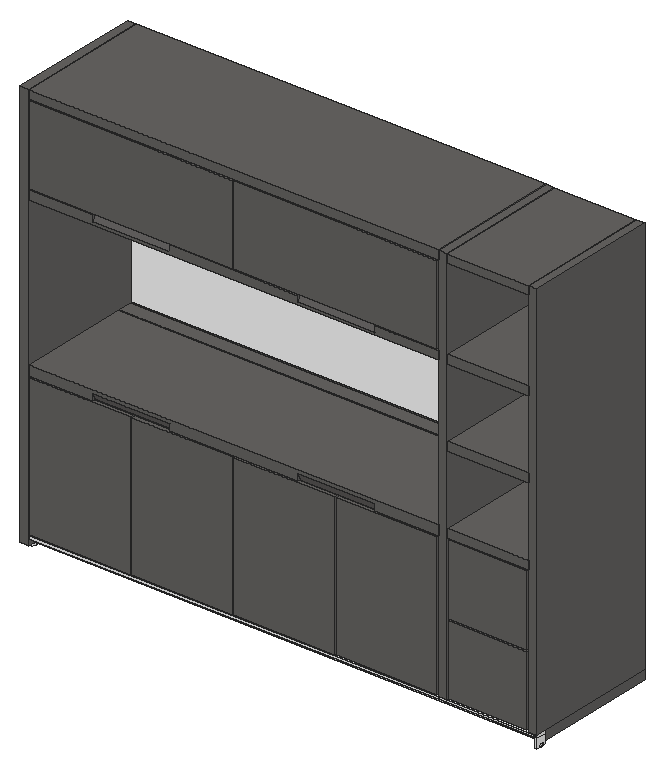
Revit family "Storage-Wall-Teknion-ZXRS_74_High_Without_Lights-R2011", category Furniture Systems, Revit 2013
Parameters (values of type "(See Type Catalog)")
  Working Wall Finish [instance] = Glass - Teknion - K6 - White Backpainted
  Width = 92.642"
  Warranty = "http://www.teknionstudio.com/pdfs/Teknion%20Studio%20Warranty.pdf"
  Wall Unit Finish [instance] = Veneer - Teknion - P7 - Grey Oak
  Unit Weight = 685.00 lbf
  URL = "www.teknionstudio.com"
  Right Tabletop Cutout Offset = if(Has Right Double Doors, 0", 4")  # 0"
  Left Tabletop Cutout Offset = if(Has Left Double Doors, 0", 4")  # 0"
  Storage Tower = Storage-Unit-Teknion-Tower : Upper Shelves & File/File Pedestal
  Series = "B&B Italia"
  Product Page URL = "http://www.teknionstudio.com/acexecutive/"
  Product Line = "AC Executive"
  Product Documentation Link = "http://www.teknionstudio.com/pricing/ac_executive_storage_walls_ppg.pdf"
  Part Number = "ZXRS"
  Model = ""
  Manufacturer Phone = "919-464-2920"
  Manufacturer Fax = "919-464-2927"
  Manufacturer Email = "customersupport@teknionstudio.com"
  Manufacturer Address = "3940 US 70 Business HWY West, Clayton, NC 27520"
  Manufacturer = "Teknion Studio"  # constant formula
  Low Emitting Material = yes
  Low Emitting Finish = yes
  Height = 73.81394"
  Has Right File File Drawers = not(Has Right Double Doors)  # no
  Has Right Double Doors = yes
  Has Left File File Drawers = not(Has Left Double Doors)  # no
  Has Left Double Doors = yes
  Description = ""
  Depth = 24"
  Assembly Code = "E2020200"
Reference planes (in)
  plane 1 "Center F/B": y = 0
  plane 2: z = 0
  plane 3 "Center L/R": x = 0
  plane 4 "Left": x = -46.321
  plane 5 "Right": x = 46.321
  plane 6 "Back": y = 12
  plane 7 "Front": y = -12
  plane 8 "Top": z = 73.81394
  plane 9: x = 28.60446
  plane 10: z = 29.68402
  plane 11: z = 56.1289
  plane 12: x = -44.7815
  plane 13: z = 2.1289
  plane 14: x = -8.08858
  plane 15 "Foot Centerline": y = -11.2126
  plane 16 "Tabletop Cutout Left": y = -12
  plane 17 "Foot Centerline Front": y = -10.22835
  plane 18 "Foot Centerline Back": y = 10.22835
  plane 19: y = -8.484
  plane 20 "Tabletop Cutout Right": y = -12
Forms (in)
  Sweep 1, solid, material "Veneer - Teknion - P7 - Grey Oak" <- "Wall Unit Finish"
    path origin (0, 0, 15.40683) x (-1, 0, 0) y (0, -1, 0)
      loop
        line (0, -12) -> (0, 12)
    profile origin (0, 0, 15.40683) x (1, 0, 0) y (0, 0, 1)
      loop
        line (-46.321, -14.81732) -> (-44.7815, -14.81732) -> (-44.7815, 58.4071) -> (-46.321, 58.4071) -> (-46.321, -14.81732)
  Sweep 2, solid, material "Metal - Teknion - C6 - Chrome"
    path origin (0, 0, 0) x (1, 0, 0) y (0, 0, 1)
      loop
        line (28.60446, 2.1289) -> (-44.7815, 2.1289)
    profile origin (-8.08852, 0, 2.1289) x (0, 0, -1) y (0, -1, 0)
      loop
        line (0, 12) -> (0, 10.4252) -> (0.394, 10.4252) -> (0.394, 12) -> (0, 12)
  Sweep 3, solid, material "Metal - Teknion - C6 - Chrome"
    path origin (0, 0, 0) x (1, 0, 0) y (0, 0, 1)
      loop
        line (-44.7815, 2.1289) -> (28.60446, 2.1289)
    profile origin (-8.08852, 0, 2.1289) x (0, 0, 1) y (0, -1, 0)
      loop
        line (-0.394, 10.6222) -> (-1.5748, 10.6222) -> (-1.5748, 10.4252) -> (-0.394, 10.4252) -> (-0.394, 10.6222)
  Sweep 4, solid, material "Veneer - Teknion - P7 - Grey Oak" <- "Wall Unit Finish"
    path origin (0, 0, 0) x (1, 0, 0) y (0, 0, 1)
      loop
        line (-44.7815, 29.68402) -> (28.60446, 29.68402)
    profile origin (-8.08852, 0, 29.68402) x (0, 0, 1) y (0, -1, 0)
      loop
        line (0, 12) -> (-1.7638, 12) -> (-1.7638, 11.276) -> (-27.55512, 11.276) -> (-27.55512, -12) -> (44.12992, -12) -> (44.12992, 12) -> (42.59022, 12) -> (42.59022, 11.2126) -> (27.98392, 11.2126) -> (27.98392, 12) -> (26.44488, 12) -> (26.44488, -10.94094) -> (0, -10.94094) -> (0, -10.90969) -> (-0.72441, -10.90969) -> (-0.72441, -10.56693) -> (0, -10.56693) -> (0, -8.05709) -> (-0.72441, -8.05709) -> (-0.72441, -7.80709) -> (0, -7.80709) -> (0, 12)
  Sweep 5, solid, material "Veneer - Teknion - P7 - Grey Oak" <- "Wall Unit Finish"
    path origin (0, 0, 15.40683) x (-1, 0, 0) y (0, -1, 0)
      loop
        line (0, 12) -> (0, 11.276)
    profile origin (0, -11.638, 15.40683) x (-1, 0, 0) y (0, 0, 1)
      loop
        line (44.5315, 42.5111) -> (44.5315, 56.6174) -> (8.21358, 56.6174) -> (8.21358, 42.5111) -> (44.5315, 42.5111)
      loop
        line (7.96358, 56.6174) -> (-28.35446, 56.6174) -> (-28.35446, 42.5111) -> (7.96358, 42.5111) -> (7.96358, 56.6174)
  Sweep 6, solid, material "Veneer - Teknion - P7 - Grey Oak" <- "Wall Unit Finish", visible <- "Has Right Double Doors"
    path origin (0, 0, 15.40683) x (-1, 0, 0) y (0, -1, 0)
      loop
        line (0, 12) -> (0, 11.276)
    profile origin (0, -11.638, 15.40683) x (-1, 0, 0) y (0, 0, 1)
      loop
        line (7.96358, 12.26339) -> (-10.07321, 12.26339) -> (-10.07321, -13.03482) -> (7.96358, -13.03482) -> (7.96358, 12.26339)
      loop
        line (-10.32321, 12.26339) -> (-28.35446, 12.26339) -> (-28.35446, -13.03482) -> (-10.32321, -13.03482) -> (-10.32321, 12.26339)
  Sweep 7, solid, material "Veneer - Teknion - P7 - Grey Oak" <- "Wall Unit Finish", visible <- "Has Right File File Drawers"
    path origin (0, 0, 15.40683) x (-1, 0, 0) y (0, -1, 0)
      loop
        line (0, 12) -> (0, 11.276)
    profile origin (0, -11.638, 15.40683) x (-1, 0, 0) y (0, 0, 1)
      loop
        line (7.96358, 12.26339) -> (-28.35446, 12.26339) -> (-28.35446, 0.01144) -> (7.96358, 0.01144) -> (7.96358, 12.26339)
      loop
        line (-28.35446, -0.77597) -> (-28.35446, -13.03482) -> (7.96358, -13.03482) -> (7.96358, -0.77597) -> (-28.35446, -0.77597)
  Sweep 8, void
    path origin (0, 0, 0) x (1, 0, 0) y (0, 0, 1)
      loop
        line (3.38793, 29.68402) -> (17.16746, 29.68402)
    profile origin (10.27769, 0, 29.68402) x (0, 0, 1) y (0, -1, 0)
      loop
        line (-1.7638, 12) -> (-1.7638, 11.52756) -> (-0.66143, 12) -> (-1.7638, 12)
  Sweep 9, void
    path origin (0, 0, 0) x (1, 0, 0) y (0, 0, 1)
      loop
        line (-33.3248, 56.1289) -> (-19.54528, 56.1289)
    profile origin (-26.43504, 0, 56.1289) x (0, 0, 1) y (0, -1, 0)
      loop
        line (1.53937, 12) -> (0.43699, 12) -> (1.53937, 11.52755) -> (1.53937, 12)
  Sweep 10, void
    path origin (0, 0, 0) x (1, 0, 0) y (0, 0, 1)
      loop
        line (3.36811, 56.1289) -> (17.14764, 56.1289)
    profile origin (10.25787, 0, 56.1289) x (0, 0, 1) y (0, -1, 0)
      loop
        line (1.53937, 11.52755) -> (1.53937, 12) -> (0.43699, 12) -> (1.53937, 11.52755)
  Revolve 11, solid, material "Metal - Teknion - C6 - Chrome"
    sketch origin (0, -10.22835, 0) x (0, 0, 1) y (1, 0, 0)
      loop
        line (0, -45.55118) -> (0, -46.28917) -> (0.23622, -46.28917) -> (0.23622, -45.83352) -> (0.58951, -45.83352) -> (0.58951, -45.55118) -> (0, -45.55118)
      axis (0, -45.55118) -> (0.58951, -45.55118)
    angle from 0 to 360
  Revolve 12, solid, material "Metal - Teknion - C6 - Chrome"
    sketch origin (0, 10.22835, 0) x (0, 0, 1) y (1, 0, 0)
      loop
        line (0, -45.55118) -> (0, -46.28917) -> (0.23622, -46.28917) -> (0.23622, -45.83352) -> (0.58951, -45.83352) -> (0.58951, -45.55118) -> (0, -45.55118)
      axis (0, -45.55118) -> (0.58951, -45.55118)
    angle from 0 to 360
  Sweep 13, void
    path origin (0, 0, 0) x (1, 0, 0) y (0, 0, 1)
      loop
        line (-19.56509, 29.68402) -> (-33.34462, 29.68402)
    profile origin (-26.45486, 0, 29.68402) x (0, 0, -1) y (0, -1, 0)
      loop
        line (1.7638, 11.52756) -> (1.7638, 12) -> (0.66143, 12) -> (1.7638, 11.52756)
  Sweep 14, solid, material "Veneer - Teknion - P7 - Grey Oak" <- "Wall Unit Finish", visible <- "Has Left Double Doors"
    path origin (0, 0, 0) x (0, 1, 0) y (0, 0, 1)
      loop
        line (-12, 2.1289) -> (-11.276, 2.1289)
    profile origin (0, -11.638, 2.1289) x (0, 0, 1) y (1, 0, 0)
      loop
        line (25.54132, -8.21358) -> (0.24311, -8.21358) -> (0.24311, -26.25038) -> (25.54132, -26.25038) -> (25.54132, -8.21358)
      loop
        line (0.24311, -26.50038) -> (0.24311, -44.53163) -> (25.54132, -44.53163) -> (25.54132, -26.50038) -> (0.24311, -26.50038)
  Sweep 15, solid, material "Veneer - Teknion - P7 - Grey Oak" <- "Wall Unit Finish", visible <- "Has Left File File Drawers"
    path origin (0, 0, 0) x (0, 1, 0) y (0, 0, 1)
      loop
        line (-12, 2.1289) -> (-11.276, 2.1289)
    profile origin (0, -11.638, 2.1289) x (0, 0, 1) y (1, 0, 0)
      loop
        line (25.54132, -8.21358) -> (13.28937, -8.21358) -> (13.28937, -44.53163) -> (25.54132, -44.53163) -> (25.54132, -8.21358)
      loop
        line (12.50197, -44.53163) -> (12.50197, -8.21358) -> (0.24311, -8.21358) -> (0.24311, -44.53163) -> (12.50197, -44.53163)
Cuts and joins
  joined: Sweep 2, Sweep 3
  Sweep 8, Sweep 9, Sweep 10, Sweep 13 cuts Sweep 4
Lines and regions (in)
  Masking region 1
    outline origin (0, 0, 15.40683) x (-1, 0, 0) y (0, -1, 0)
      loop
        line (46.321, -12) -> (46.321, 12) -> (-28.60446, 12) -> (-28.60446, -12) -> (46.321, -12)
  symbolic lines, style "Elevation Swing"
    curve 1: line (-44.7815, -12, 57.66827) -> (-26.43504, -12, 72.02424)
    curve 2: line (-8.08858, -12, 57.66832) -> (-26.43504, -12, 72.02424)
    curve 3: line (-8.08858, 0, 57.66832) -> (10.25794, 0, 72.19583)
    curve 4: line (10.25794, 0, 72.19583) -> (28.60446, 0, 57.66827)
  symbolic lines, detail levels medium+fine
    curve 5: line (-44.7815, 12, 15.40683) -> (-44.7815, -12, 15.40683)
  symbolic lines, style "FurnitureSystemsHiddenLines", detail levels fine
    curve 6: line (28.60446, -11.276, 15.40683) -> (-44.7815, -11.276, 15.40683)
    curve 7: line (-8.08858, 12, 15.40683) -> (-8.08858, -12, 15.40683)
  symbolic lines, visible <- "Has Right Double Doors"
    curve 8: arc (10.25794, -12, 15.40683) -> (15.63151, -24.97295, 15.40683) -> (28.60446, -30.34652, 15.40683) r 18.34652
    curve 9: arc (-8.08858, -30.34652, 15.40683) -> (4.88437, -24.97295, 15.40683) -> (10.25794, -12, 15.40683) r 18.34652
    curve 10: line (-8.08858, -12, 15.40683) -> (-8.08858, -30.34652, 15.40683)
    curve 11: line (28.60446, -12, 15.40683) -> (28.60446, -30.34652, 15.40683)
  symbolic lines, style "Elevation Swing", visible <- "Has Right Double Doors"
    curve 12: line (10.07321, 0, 27.67022) -> (-7.96358, 0, 15.02111)
    curve 13: line (-7.96358, 0, 15.02111) -> (10.07321, 0, 2.37201)
    curve 14: line (10.32321, 0, 2.37201) -> (28.35446, 0, 15.02111)
    curve 15: line (28.35446, 0, 15.02111) -> (10.32321, 0, 27.67022)
  symbolic lines, style "Elevation Swing", visible <- "Has Left Double Doors"
    curve 16: line (-8.21358, 0, 15.02111) -> (-26.25038, 0, 27.67022)
    curve 17: line (-8.21358, 0, 15.02111) -> (-26.25038, 0, 2.37201)
    curve 18: line (-26.50038, 0, 2.37201) -> (-44.53163, 0, 15.02111)
    curve 19: line (-44.53163, 0, 15.02111) -> (-26.50038, 0, 27.67022)
  symbolic lines, visible <- "Has Left Double Doors"
    curve 20: arc (-26.43511, -12, 15.40683) -> (-21.06153, -24.97295, 15.40683) -> (-8.08858, -30.34652, 15.40683) r 18.34652
    curve 21: arc (-44.7815, -30.34652, 15.40683) -> (-31.80854, -24.97295, 15.40683) -> (-26.43497, -12, 15.40683) r 18.34652
    curve 22: line (-44.7815, -12, 15.40683) -> (-44.7815, -30.34652, 15.40683)
    curve 23: line (-8.08858, -12, 15.40683) -> (-8.08858, -30.34652, 15.40683)
Dimensions and locks (in)
  equal spacing: plane 4 "Left", plane 3 "Center L/R", plane 5 "Right"
  "Width": plane 4 "Left" to plane 5 "Right"
  equal spacing: plane 6 "Back", plane 1 "Center F/B", plane 7 "Front"
  "Depth": plane 6 "Back" to plane 7 "Front"
  locked: plane 9 to plane 5 "Right" at 17.71654
  "Height": plane 8 "Top" to plane 2
  locked: plane 10 to plane 2 at 29.68402
  locked: plane 11 to plane 10 at 26.44488
  locked: plane 13 to plane 2 at 2.1289
  locked: plane 13 to Sweep 3 sketch curve at 0.394
  locked: Sweep 3 sketch curve to Sweep 3 sketch curve at 1.1808
  plane 7 "Front" to Sweep 3 sketch curve to Sweep 3 sketch curve = 1.3778" locked, 0.197" locked
  locked: plane 7 "Front" to plane 15 "Foot Centerline" at 0.7874
  plane 13 to Sweep 4 sketch curve = 0"
  locked: plane 10 to Sweep 4 sketch curve at 1.7638
  locked: Sweep 1 sketch curve to plane 2 at 0.58951
  locked: plane 14 to plane 3 "Center L/R" at 8.08858
  locked: plane 7 "Front" to Sweep 5 sketch curve at 0.724
  plane 8 "Top" to Sweep 5 sketch curve to Sweep 5 sketch curve = 1.7897", 14.1063"  (x2)
  Sweep 5 sketch curve to plane 3 "Center L/R" to Sweep 5 sketch curve to Sweep 5 sketch curve to Sweep 5 sketch curve = 28.35446", 7.96358", 1/4", 36.31791"
  locked: plane 7 "Front" to Sweep 6 sketch curve at 0.724
  locked: plane 10 to Sweep 6 sketch curve at 2.0138  (x2)
  locked: Sweep 6 sketch curve to Sweep 6 sketch curve at 25.29821  (x2)
  Sweep 6 sketch curve to Sweep 6 sketch curve to Sweep 6 sketch curve to Sweep 6 sketch curve to plane 12 = 18 1/32" locked, 1/4" locked, 18.0368" locked, 36.81791"
  locked: plane 7 "Front" to Sweep 7 sketch curve at 0.724
  plane 10 to Sweep 7 sketch curve to Sweep 7 sketch curve to Sweep 7 sketch curve to Sweep 7 sketch curve = 2.0138" locked, 12.25195" locked, 0.7874" locked, 12.25886" locked
  Sweep 7 sketch curve to Sweep 7 sketch curve to plane 14 = 36.31805" locked, 1/8" locked  (x2)
  Sweep 8 sketch curve to Sweep 8 sketch curve to plane 14 = 13.77953" locked, 11.47651" locked
  locked: plane 10 to Sweep 8 sketch curve at 1.7638
  locked: plane 20 "Tabletop Cutout Right" to Sweep 8 sketch curve at 0.47244
  "Left Tabletop Cutout Offset": plane 16 "Tabletop Cutout Left" to plane 7 "Front"
  Sweep 9 sketch curve to Sweep 9 sketch curve to plane 4 "Left" = 13.77953" locked, 12.9962" locked
  locked: Sweep 9 sketch curve to plane 11 at 1.53937
  locked: Sweep 9 sketch curve to plane 11 at 0.43699
  locked: plane 7 "Front" to Sweep 9 sketch curve at 0.47245
  Sweep 10 sketch curve to Sweep 10 sketch curve to plane 11 = 1.10238" locked, 0.43699" locked
  locked: plane 7 "Front" to Sweep 10 sketch curve at 0.47245
  locked: Revolve 11 sketch curve to plane 4 "Left" at 0.76982
  Revolve 11 sketch curve to Revolve 11 sketch curve to plane 2 = 0.35329" locked, 0.23622" locked
  locked: Revolve 11 sketch curve to plane 4 "Left" at 0.03183
  locked: Revolve 12 sketch curve to plane 4 "Left" at 0.76982
  Revolve 12 sketch curve to Revolve 12 sketch curve to plane 2 = 0.35329" locked, 0.23622" locked
  locked: Revolve 12 sketch curve to plane 4 "Left" at 0.03183
  equal spacing: plane 14, curve 2, plane 12
  equal spacing: plane 9, curve 4, plane 14
  locked: plane 7 "Front" to curve 6 at 0.724
  locked: plane 6 "Back" to plane 18 "Foot Centerline Back" at 1.77165
  locked: plane 7 "Front" to plane 17 "Foot Centerline Front" at 1.77165
  locked: plane 4 "Left" to plane 12 at 1.5395
  plane 12 to plane 14 = 36.69291"
  locked: plane 7 "Front" to plane 19 at 3.516
  locked: plane 13 to Sweep 2 sketch curve at 0.394
  locked: plane 7 "Front" to Sweep 2 sketch curve at 1.5748
  plane 14 to Sweep 13 sketch curve to Sweep 13 sketch curve = 11.47651" locked, 13.77953" locked
  plane 10 to Sweep 13 sketch curve to Sweep 13 sketch curve = 0.66143" locked, 1.10236" locked
  locked: plane 16 "Tabletop Cutout Left" to Sweep 13 sketch curve at 0.47244
  locked: plane 7 "Front" to Sweep 4 sketch curve at 0.724
  locked: plane 7 "Front" to Sweep 14 sketch curve at 0.724
  plane 14 to Sweep 14 sketch curve to Sweep 14 sketch curve to Sweep 14 sketch curve to Sweep 14 sketch curve = 1/8" locked, 18.0368" locked, 1/4" locked, 18 1/32" locked
  plane 10 to Sweep 14 sketch curve to Sweep 14 sketch curve = 2.0138" locked, 25.29821" locked  (x2)
  locked: plane 7 "Front" to Sweep 15 sketch curve at 0.724
  plane 10 to Sweep 15 sketch curve to Sweep 15 sketch curve to Sweep 15 sketch curve to Sweep 15 sketch curve = 2.0138" locked, 12.25195" locked, 0.7874" locked, 12.25886" locked
  plane 14 to Sweep 15 sketch curve to Sweep 15 sketch curve = 1/8" locked, 36.31805" locked  (x2)
  "Right Tabletop Cutout Offset": plane 20 "Tabletop Cutout Right" to plane 7 "Front"
  aligned and locked: level to plane 2
  aligned and locked: nested 1 to plane 5 "Right"
  aligned and locked: plane 6 "Back" to Sweep 1 sketch curve
  aligned and locked: plane 7 "Front" to Sweep 1 sketch curve
  aligned and locked: Sweep 1 sketch curve to plane 3 "Center L/R"
  aligned and locked: Sweep 1 sketch curve to plane 8 "Top"
  aligned and locked: plane 4 "Left" to Sweep 1 sketch curve  (x2)
  aligned and locked: Sweep 2 sketch curve to plane 13  (x2)
  aligned and locked: Sweep 3 sketch curve to plane 13
  aligned and locked: plane 12 to Sweep 4 sketch curve
  aligned and locked: plane 9 to Sweep 4 sketch curve
  aligned and locked: Sweep 4 sketch curve to plane 10  (x4)
  aligned and locked: Sweep 4 sketch curve to plane 7 "Front"
  aligned and locked: plane 6 "Back" to Sweep 4 sketch curve
  aligned and locked: plane 3 "Center L/R" to Sweep 5 sketch curve
  aligned and locked: plane 7 "Front" to Sweep 5 sketch curve
  aligned and locked: Sweep 4 sketch curve to plane 11
  aligned and locked: plane 3 "Center L/R" to Sweep 6 sketch curve
  aligned and locked: plane 7 "Front" to Sweep 6 sketch curve
  aligned and locked: plane 7 "Front" to Sweep 7 sketch curve
  aligned and locked: plane 3 "Center L/R" to Sweep 7 sketch curve
  aligned and locked: Sweep 8 sketch curve to plane 10
  aligned and locked: Sweep 9 sketch curve to plane 11
  aligned and locked: Sweep 10 sketch curve to plane 11
  aligned and locked: Sweep 10 sketch curve to plane 7 "Front"
  aligned and locked: plane 2 to Revolve 11 sketch curve
  aligned and locked: Revolve 12 sketch curve to plane 2
  aligned and locked: plane 12 to curve 1
  aligned and locked: plane 14 to curve 2
  aligned and locked: Sweep 5 to curve 2
  aligned and locked: plane 9 to curve 4
  aligned and locked: plane 14 to curve 3
  aligned and locked: plane 6 "Back" to curve 5
  aligned and locked: plane 7 "Front" to curve 5
  aligned and locked: plane 9 to curve 6
  aligned and locked: plane 6 "Back" to curve 7
  aligned and locked: plane 7 "Front" to curve 7
  aligned and locked: plane 7 "Front" to Sweep 9 sketch curve
  aligned and locked: Sweep 4 sketch curve to plane 8 "Top"
  aligned and locked: plane 15 "Foot Centerline" to Sweep 4 sketch curve
  aligned and locked: plane 7 "Front" to Sweep 4 sketch curve  (x2)
  aligned and locked: plane 2 to nested 1
  aligned and locked: plane 1 "Center F/B" to nested 1
  aligned and locked: plane 9 to Sweep 2 sketch curve
  aligned and locked: plane 9 to Sweep 3 sketch curve
  aligned and locked: curve 7 to curve 10
  aligned and locked: curve 11 to plane 9
  aligned and locked: plane 7 "Front" to curve 11
  aligned and locked: plane 7 "Front" to curve 8
  aligned and locked: Sweep 2 sketch curve to plane 7 "Front"
  aligned and locked: plane 4 "Left" to Masking region 1 sketch curve
  aligned and locked: Masking region 1 sketch curve to plane 6 "Back"
  aligned and locked: Masking region 1 sketch curve to plane 9
  aligned and locked: Masking region 1 sketch curve to plane 7 "Front"
  aligned and locked: plane 10 to Sweep 13 sketch curve
  aligned and locked: Sweep 13 sketch curve to plane 16 "Tabletop Cutout Left"
  aligned and locked: plane 12 to Sweep 2 sketch curve
  aligned and locked: Sweep 14 sketch curve to plane 13
  aligned and locked: plane 7 "Front" to Sweep 14 sketch curve
  aligned and locked: plane 7 "Front" to Sweep 15 sketch curve
  aligned and locked: Sweep 15 sketch curve to plane 13
  aligned and locked: Sweep 6 to curve 12
  aligned and locked: curve 13 to Sweep 6
  aligned and locked: Sweep 6 to curve 14
  aligned and locked: curve 15 to Sweep 6
  aligned and locked: curve 16 to Sweep 14
  aligned and locked: Sweep 14 to curve 17
  aligned and locked: Sweep 14 to curve 18
  aligned and locked: Sweep 14 to curve 19
  aligned and locked: plane 12 to Sweep 3 sketch curve
  aligned and locked: curve 22 to plane 12
  aligned and locked: curve 23 to plane 14
  aligned and locked: plane 16 "Tabletop Cutout Left" to curve 21
  aligned and locked: plane 16 "Tabletop Cutout Left" to curve 20
  aligned and locked: plane 20 "Tabletop Cutout Right" to Sweep 8 sketch curve
  aligned and locked: Sweep 14 to Sweep 14
  aligned and locked: Sweep 14 to curve 16
Automatic sketch dimensions
  Sweep 1 sketch curve to Sweep 1 sketch curve = 1.5395"
  profile plane to Sweep 8 sketch curve = 0.66143"
  plane 3 "Center L/R" to Sweep 10 sketch curve = 3.36811"
  Sweep 10 sketch curve to plane 9 = 11.45683"
  Revolve 11 sketch curve to level = 0"
  Revolve 11 sketch curve to Revolve 11 sketch curve = 0"  (x2)
  Revolve 11 sketch curve to Revolve 11 sketch curve = 0.28234"
  Revolve 12 sketch curve to level = 0"
  Revolve 12 sketch curve to Revolve 12 sketch curve = 0"  (x2)
  Revolve 12 sketch curve to Revolve 12 sketch curve = 0.28234"
  plane 11 to curve 2 = 1.53942"
  plane 11 to curve 1 = 1.53937"
  Sweep 4 sketch curve to Sweep 4 sketch curve = 0.72441"  (x2)
  Sweep 4 sketch curve to Sweep 4 sketch curve = 1.5397"
  Sweep 4 sketch curve to Sweep 4 sketch curve = 1.05906"
  Sweep 4 sketch curve to Sweep 4 sketch curve = 1/32"
  Sweep 4 sketch curve to Sweep 4 sketch curve = 0.34277"
  Sweep 4 sketch curve to Sweep 4 sketch curve = 2.50984"
  Sweep 4 sketch curve to Sweep 4 sketch curve = 1/4"
  Sweep 4 sketch curve to Sweep 4 sketch curve = 1.53904"
  Sweep 2 sketch curve to Sweep 2 sketch curve = 1.5748"
  plane 13 to curve 18 = 0.24311"
  curve 18 to curve 17 = 1/4"
  curve 16 to plane 14 = 1/8"
  curve 12 to plane 10 = 2.0138"
  curve 12 to curve 15 = 1/4"
  plane 13 to curve 14 = 0.24311"
  curve 13 to curve 14 = 1/4"
  plane 13 to curve 17 = 0.24311"
  plane 13 to curve 13 = 0.24311"
  plane 13 to curve 15 = 12.89222"
  plane 13 to curve 12 = 12.89222"
  plane 13 to curve 18 = 12.89222"
  curve 16 to curve 12 = 0"
  curve 16 to curve 19 = 0"
  curve 15 to curve 12 = 0"
  plane 11 to curve 4 = 1.53937"
  plane 11 to curve 3 = 1.53942"
  curve 3 to plane 8 "Top" = 1.61811"
  plane 3 "Center L/R" to curve 8 = 10.25794"
  curve 9 to curve 8 = 0"
  curve 21 to curve 20 = 0.00013"
Nested families (in)
  nested 1: "Storage-Unit-Teknion-Tower" at (37.46273, 0, 0), type <- "Storage Tower", Height <- "Height", type "Upper Shelves & File/File Pedestal"
    with Height 73.81394", Has Top Shelf no, Bottom Drawer Height 13.047"
Definition of nested family "Storage-Unit-Teknion-Tower"
  Parameters (values of type "Upper Wardrobe & Lower Door")
    Width = 17.71654"
    Warranty = "http://www.teknionstudio.com/pdfs/Teknion%20Studio%20Warranty.pdf"
    Wall Unit Finish = Veneer - Teknion - P8 - Light Brushed Oak
    URL = "www.teknionstudio.com"
    Series = "B&B Italia"
    Product Line = "AC Executive"
    Model = ""
    Middle Drawer Height = if(Has Top Drawer, 6.425", 12.719")  # 12.719"
    Manufacturer Phone = "919-464-2920"
    Manufacturer Fax = "919-464-2927"
    Manufacturer Email = "customersupport@teknionstudio.com"
    Manufacturer Address = "3940 US 70 Business HWY West, Clayton, NC 27520"
    Manufacturer = "Teknion Studio"  # constant formula
    Height [instance] = 73.81394"
    Has Top Shelf [instance] = and(Height > 75", Has Shelves)  # no
    Has Top Drawer = no
    Has Top Door = yes
    Has Shelves = no
    Has Right Leg = yes
    Has Middle Drawer = no
    Has Lower Shelf = yes
    Has Left Leg = no
    Has Full Wardrobe Door = no
    Has Doors = yes
    Door Projection Symbol = yes
    Description = "Tower Storage Unit"
    Depth = 24"
    Bottom Drawer Height [instance] = if(Has Middle Drawer, 13.047", if(Has Top Drawer, 13.047", if(Has Full Wardrobe Door, (Height - 3.668"), 26.016")))  # 26.016"
    Assembly Code = "E2010200"
  Types (7): name | Wall Unit Finish | Series | Product Line | Middle Drawer Height | Has Top Drawer | Has Top Door | Has Shelves | Has Middle Drawer | Has Lower Shelf | Has Full Wardrobe Door | Has Doors | Door Projection Symbol | Bottom Drawer Height
    Upper Shelves & Lower Door | none | "AC Executive" | "" | 12.719" | no | no | yes | no | yes | no | yes | yes | 26.016"
    Upper Shelves & File/File Pedestal | none | "AC Executive" | "" | 12.719" | no | no | yes | yes | yes | no | no | no | 13.047"
    Upper Shelves & Box/Box/File Pedestal | Veneer - Teknion - P8 - Light Brushed Oak | "AC Executive" | "" | 6.425" | yes | no | yes | yes | yes | yes | no | no | 13.047"
    Full Wardrobe | none | "AC Executive" | "" | 12.719" | no | no | no | no | no | yes | yes | yes | 70.14594"
    Upper Wardrobe & Lower Door | Veneer - Teknion - P8 - Light Brushed Oak | "B&B Italia" | "AC Executive" | 12.719" | no | yes | no | no | yes | no | yes | yes | 26.016"
    Upper Wardrobe & File/File Pedestal | none | "AC Executive" | "" | 12.719" | no | yes | no | yes | yes | no | no | yes | 13.047"
    Upper Wardrobe & Box/Box/File Pedestal | none | "AC Executive" | "" | 6.425" | yes | yes | no | yes | yes | no | no | yes | 13.047"
  Reference planes (in)
    plane 1 "Center F/B": y = 0
    plane 2: z = 0
    plane 3 "Center L/R": x = 0
    plane 4 "Left": x = -8.85827
    plane 5 "Right": x = 8.85827
    plane 6 "Back": y = 12
    plane 7 "Front": y = -12
    plane 8 "Top": z = 73.81394
    plane 9: x = -7.3189
    plane 10: x = 7.3189
    plane 11: z = 2.1289
    plane 12 "Foot Centerline": y = -11.2126
    plane 13: z = 29.68402
    plane 14 "Drawer 1 Top": z = 28.1449
    plane 15 "Drawer 2 Top": z = 40.8639
    plane 16 "Drawer 3 Top": z = 27.89502
    plane 17: z = 42.13677
  Forms (in)
    Sweep 1, solid, material "Metal - Teknion - C6 - Chrome", visible <- "Has Left Leg"
      path origin (0, -12, 0) x (1, 0, 0) y (0, 0, 1)
        loop
          line (-8.85827, 1.7349) -> (-8.85827, 0.05803)
      profile origin (-8.85827, -12, 0.89646) x (0, -1, 0) y (1, 0, 0)
        loop
          line (-1.5748, 0) -> (0, 0) -> (0, 0.394) -> (-1.5748, 0.394) -> (-1.5748, 0)
    Sweep 2, solid, material "Metal - Teknion - C6 - Chrome"
      path origin (0, -12, 0) x (1, 0, 0) y (0, 0, 1)
        loop
          line (-8.85827, 2.1289) -> (8.46427, 2.1289)
      profile origin (-0.197, -12, 2.1289) x (0, 0, 1) y (0, -1, 0)
        loop
          line (-0.394, -1.5748) -> (-0.394, -1.3778) -> (-1.575, -1.3778) -> (-1.575, -1.5748) -> (-0.394, -1.5748)
    Revolve 3, solid, material "Metal - Teknion - C6 - Chrome"
      sketch origin (0, -11.2126, 0) x (0, 0, -1) y (1, 0, 0)
        loop
          line (-0.4911, 8.32677) -> (-0.45173, 8.2874) -> (-0.28492, 8.2874) -> (-0.24555, 8.32677) -> (-0.20618, 8.2874) -> (-0.03937, 8.2874) -> (0, 8.32677) -> (0, 8.66142) -> (-0.4911, 8.66142) -> (-0.4911, 8.32677)
        axis (0, 8.66142) -> (-0.4911, 8.66142)
      angle from 0 to 360
    Revolve 4, solid, material "Metal - Teknion - C6 - Chrome", visible <- "Has Left Leg"
      sketch origin (0, -11.2126, 0) x (0, 0, -1) y (1, 0, 0)
        loop
          line (0, -8.99606) -> (0, -8.66142) -> (-0.4911, -8.66142) -> (-0.4911, -8.99606) -> (-0.45173, -9.03543) -> (-0.28492, -9.03543) -> (-0.24555, -8.99606) -> (-0.20618, -9.03543) -> (-0.03937, -9.03543) -> (0, -8.99606)
        axis (0, -8.66142) -> (-0.4911, -8.66142)
      angle from 0 to 360
    Sweep 5, solid, material "Veneer - Teknion - P8 - Light Brushed Oak" <- "Wall Unit Finish"
      path origin (0, 0, 0) x (1, 0, 0) y (0, 0, 1)
        loop
          line (0, 2.1289) -> (0, 73.81394)
      profile origin (0, 0, 37.97142) x (-1, 0, 0) y (0, -1, 0)
        loop
          line (8.85827, -12) -> (8.85827, 12) -> (7.3189, 12) -> (7.3189, -12) -> (8.85827, -12)
        loop
          line (-7.3189, 12) -> (-8.85827, 12) -> (-8.85827, -12) -> (-7.3189, -12) -> (-7.3189, 12)
    Sweep 6, solid, material "Veneer - Teknion - P8 - Light Brushed Oak" <- "Wall Unit Finish"
      path origin (0, 0, 15.40683) x (-1, 0, 0) y (0, -1, 0)
        loop
          line (0, -12) -> (0, 12)
      profile origin (0, 0, 15.40683) x (1, 0, 0) y (0, 0, 1)
        loop
          line (-7.3189, 58.4071) -> (-7.3189, 56.86773) -> (7.3189, 56.86773) -> (7.3189, 58.4071) -> (-7.3189, 58.4071)
    Sweep 7, solid, material "Veneer - Teknion - P8 - Light Brushed Oak" <- "Wall Unit Finish"
      path origin (0, -12, 0) x (1, 0, 0) y (0, 0, 1)
        loop
          line (0, 2.1289) -> (0, 72.27457)
      profile origin (0, -12, 37.20173) x (-1, 0, 0) y (0, -1, 0)
        loop
          line (7.3189, -24) -> (7.3189, -23.25) -> (-7.3189, -23.25) -> (-7.3189, -24) -> (7.3189, -24)
    Sweep 8, solid, material "Veneer - Teknion - P8 - Light Brushed Oak" <- "Wall Unit Finish", visible <- "Has Lower Shelf"
      path origin (0, -12, 0) x (1, 0, 0) y (0, 0, 1)
        loop
          line (-7.3189, 29.68402) -> (7.3189, 29.68402)
      profile origin (0, -12, 29.68402) x (0, 0, 1) y (0, -1, 0)
        loop
          line (0, 0) -> (-1.539, 0) -> (-1.539, -0.724) -> (-27.55512, -0.724) -> (-27.55512, -23.25) -> (0, -23.25) -> (0, 0)
    Sweep 9, solid, material "Veneer - Teknion - P8 - Light Brushed Oak" <- "Wall Unit Finish"
      path origin (0, -12, 0) x (1, 0, 0) y (0, 0, 1)
        loop
          line (0, 2.3789) -> (0, 27.8949)
      profile origin (0, -12, 15.1369) x (-1, 0, 0) y (0, -1, 0)
        loop
          line (7.0689, -0.724) -> (7.0689, 0) -> (-7.0689, 0) -> (-7.0689, -0.724) -> (7.0689, -0.724)
    Sweep 10, solid, material "Veneer - Teknion - P8 - Light Brushed Oak" <- "Wall Unit Finish", visible <- "Has Middle Drawer"
      path origin (0, -12, 0) x (1, 0, 0) y (0, 0, 1)
        loop
          line (0, 28.1449) -> (0, 40.8639)
      profile origin (0, -12, 34.5044) x (-1, 0, 0) y (0, -1, 0)
        loop
          line (7.0689, -0.724) -> (7.0689, 0) -> (-7.0689, 0) -> (-7.0689, -0.724) -> (7.0689, -0.724)
    Sweep 11, solid, material "Veneer - Teknion - P8 - Light Brushed Oak" <- "Wall Unit Finish", visible <- "Has Top Drawer"
      path origin (0, -12, 0) x (1, 0, 0) y (0, 0, 1)
        loop
          line (0, 47.15802) -> (0, 41.1139)
      profile origin (0, -12, 44.13596) x (0, -1, 0) y (1, 0, 0)
        loop
          line (0, 7.0689) -> (-0.724, 7.0689) -> (-0.724, -7.0689) -> (0, -7.0689) -> (0, 7.0689)
    Sweep 12, solid, material "Veneer - Teknion - P8 - Light Brushed Oak" <- "Wall Unit Finish", visible <- "Has Shelves"
      path origin (0, -12, 0) x (1, 0, 0) y (0, 0, 1)
        loop
          line (0, 42.13677) -> (0, 43.67614)
      profile origin (0, -12, 42.90646) x (-1, 0, 0) y (0, -1, 0)
        loop
          line (7.3189, -23.25) -> (7.3189, 0) -> (-7.3189, 0) -> (-7.3189, -23.25) -> (7.3189, -23.25)
    Sweep 13, solid, material "Veneer - Teknion - P8 - Light Brushed Oak" <- "Wall Unit Finish", visible <- "Has Shelves"
      path origin (0, -12, 13.9918) x (1, 0, 0) y (0, 0, 1)
        loop
          line (0, 42.13677) -> (0, 43.67614)
      profile origin (0, -12, 56.89825) x (-1, 0, 0) y (0, -1, 0)
        loop
          line (7.3189, -23.25) -> (7.3189, 0) -> (-7.3189, 0) -> (-7.3189, -23.25) -> (7.3189, -23.25)
    Sweep 14, solid, material "Veneer - Teknion - P8 - Light Brushed Oak" <- "Wall Unit Finish", visible <- "Has Top Door"
      path origin (0, -12, 0) x (1, 0, 0) y (0, 0, 1)
        loop
          line (0, 29.93402) -> (0, 72.02457)
      profile origin (0, -12, 50.97929) x (-1, 0, 0) y (0, -1, 0)
        loop
          line (7.0689, -0.724) -> (7.0689, 0) -> (-7.0689, 0) -> (-7.0689, -0.724) -> (7.0689, -0.724)
    Sweep 15, solid, material "Veneer - Teknion - P8 - Light Brushed Oak" <- "Wall Unit Finish"
      path origin (0, -12, 0) x (1, 0, 0) y (0, 0, 1)
        loop
          line (-8.85827, 2.1289) -> (8.85827, 2.1289)
      profile origin (0, -12, 2.1289) x (0, 0, 1) y (0, -1, 0)
        loop
          line (0, -1.5748) -> (-1.53937, -1.5748) -> (-1.53937, -24) -> (0, -24) -> (0, -1.5748)
    Sweep 16, solid, material "Veneer - Teknion - P8 - Light Brushed Oak" <- "Wall Unit Finish", visible <- "Has Top Shelf"
      path origin (0, 0, 0) x (1, 0, 0) y (0, 0, 1)
        loop
          line (0, 73.81394) -> (0, 72.27457)
      profile origin (0, 0, 73.04425) x (0, -1, 0) y (1, 0, 0)
        loop
          line (-11.25, -7.3189) -> (12, -7.3189) -> (12, 7.3189) -> (-11.25, 7.3189) -> (-11.25, -7.3189)
    Sweep 17, solid, material "Metal - Teknion - C6 - Chrome"
      path origin (0, 0, 0) x (1, 0, 0) y (0, 0, 1)
        loop
          line (-8.85827, 2.1289) -> (8.85827, 2.1289)
      profile origin (0, 0, 2.1289) x (0, 0, 1) y (0, -1, 0)
        loop
          line (0, 10.4252) -> (0, 12) -> (-0.394, 12) -> (-0.394, 10.4252) -> (0, 10.4252)
    Sweep 18, solid, material "Metal - Teknion - C6 - Chrome"
      path origin (0, 0, 0) x (1, 0, 0) y (0, 0, 1)
        loop
          line (8.85827, 1.7349) -> (8.85827, 0.05803)
      profile origin (8.85827, 0, 0.89646) x (0, -1, 0) y (1, 0, 0)
        loop
          line (10.4252, -0.394) -> (12, -0.394) -> (12, 0) -> (10.4252, 0) -> (10.4252, -0.394)
  Lines and regions (in)
    Masking region 1
      outline origin (0, 0, 15.40683) x (-1, 0, 0) y (0, -1, 0)
        loop
          line (8.85827, -12) -> (8.85827, 12) -> (-8.85827, 12) -> (-8.85827, -12) -> (8.85827, -12)
    symbolic lines, style "FurnitureSystems", detail levels medium+fine
      curve 1: line (-7.3189, 12, 15.40683) -> (-7.3189, -12, 15.40683)
      curve 2: line (7.3189, 12, 15.40683) -> (7.3189, -12, 15.40683)
    symbolic lines, style "FurnitureSystemsHiddenLines", detail levels fine
      curve 3: line (-7.3189, -11.276, 15.40683) -> (7.3189, -11.276, 15.40683)
    symbolic lines, style "Elevation Swing", visible <- "Has Doors"
      curve 4: line (-7.3189, -12, 2.1289) -> (7.3189, -12, 15.1369)
      curve 5: line (7.3189, -12, 15.1369) -> (-7.3189, -12, 28.1449)
    symbolic lines, style "Elevation Swing", visible <- "Has Top Door"
      curve 6: line (-7.3189, -12, 29.68402) -> (7.3189, -12, 50.97929)
      curve 7: line (7.3189, -12, 50.97929) -> (-7.3189, -12, 72.27457)
    symbolic lines, style "FurnitureSystems", visible <- "Door Projection Symbol"
      curve 8: arc (-7.3189, -12, 0) -> (-3.03159, -22.35048, 0) -> (7.3189, -26.6378, 0) r 14.6378
    symbolic lines, visible <- "Door Projection Symbol"
      curve 9: line (7.3189, -12, 15.40683) -> (7.3189, -26.6378, 15.40683)
  Dimensions and locks (in)
    equal spacing: plane 4 "Left", plane 3 "Center L/R", plane 5 "Right"
    "Width": plane 4 "Left" to plane 5 "Right"
    equal spacing: plane 6 "Back", plane 1 "Center F/B", plane 7 "Front"
    "Depth": plane 6 "Back" to plane 7 "Front"
    locked: plane 4 "Left" to plane 9 at 1.53937
    locked: plane 10 to plane 5 "Right" at 1.53937
    "Height": plane 8 "Top" to level
    locked: Sweep 1 sketch curve to level at 0.05803
    locked: plane 11 to plane 2 at 2.1289
    plane 11 to Sweep 2 sketch curve to Sweep 2 sketch curve = 0.394" locked, 1.181" locked
    plane 7 "Front" to Sweep 2 sketch curve to Sweep 2 sketch curve = 1.3778" locked, 0.197" locked
    locked: Revolve 3 sketch curve to plane 2 at 0.4911  (x2)
    locked: plane 5 "Right" to Revolve 3 sketch curve at 0.57087
    locked: plane 7 "Front" to plane 12 "Foot Centerline" at 0.7874
    Revolve 3 sketch curve to Revolve 3 sketch curve to Revolve 3 sketch curve to Revolve 3 sketch curve to plane 2 = 0.16681" locked, 0.07874" locked, 0.16681" locked, 0.03937" locked
    locked: Revolve 4 sketch curve to plane 2 at 0.4911  (x2)
    locked: Revolve 4 sketch curve to Revolve 4 sketch curve at 0.37402
    Revolve 4 sketch curve to Revolve 4 sketch curve to Revolve 4 sketch curve to Revolve 4 sketch curve to plane 2 = 0.16681" locked, 0.07874" locked, 0.16681" locked, 0.03937" locked
    locked: Revolve 4 sketch curve to plane 4 "Left" at 0.19685
    locked: plane 8 "Top" to Sweep 6 sketch curve at 1.53937
    locked: plane 8 "Top" to Sweep 7 sketch curve at 1.53937
    locked: plane 6 "Back" to Sweep 7 sketch curve at 0.75
    locked: plane 13 to plane 2 at 29.68402
    locked: plane 7 "Front" to Sweep 8 sketch curve at 0.724
    locked: plane 13 to Sweep 8 sketch curve at 1.539
    locked: plane 13 to plane 16 "Drawer 3 Top" at 1.789
    "Bottom Drawer Height": plane 14 "Drawer 1 Top" to plane 11
    "Middle Drawer Height": plane 15 "Drawer 2 Top" to plane 14 "Drawer 1 Top"
    locked: plane 14 "Drawer 1 Top" to Sweep 9 sketch curve at 0.25
    locked: plane 7 "Front" to Sweep 9 sketch curve at 0.724
    locked: Sweep 10 sketch curve to plane 12 "Foot Centerline" at 0.0634
    locked: plane 7 "Front" to Sweep 11 sketch curve at 0.724
    locked: plane 17 to plane 13 at 12.45276
    group 1 to group 2 = 0"  (x2)
    group 1 to group 2 = 13.9918"
    locked: Sweep 13 to plane 17 at 13.9918
    locked: plane 8 "Top" to Sweep 14 sketch curve at 1.78937
    locked: Sweep 14 sketch curve to plane 13 at 0.25
    locked: plane 7 "Front" to Sweep 14 sketch curve at 0.724
    locked: plane 11 to Sweep 15 sketch curve at 1.53937
    locked: plane 7 "Front" to Sweep 15 sketch curve at 1.5748
    equal spacing: Sweep 6, curve 7, plane 13
    equal spacing: plane 14 "Drawer 1 Top", curve 5, plane 11
    locked: plane 6 "Back" to Sweep 16 sketch curve at 0.75
    Sweep 16 sketch curve to Sweep 16 sketch curve to plane 2 = 1.53937" locked, 72.27457" locked
    locked: Sweep 9 sketch curve to plane 11 at 0.25
    locked: plane 9 to Sweep 9 sketch curve at 0.25
    locked: Sweep 9 sketch curve to plane 10 at 0.25
    locked: Sweep 11 sketch curve to plane 15 "Drawer 2 Top" at 0.25
    locked: plane 9 to Sweep 11 sketch curve at 0.25
    locked: Sweep 11 sketch curve to plane 10 at 0.25
    locked: Sweep 10 sketch curve to plane 10 at 0.25
    locked: plane 9 to Sweep 10 sketch curve at 0.25
    locked: Sweep 11 sketch curve to Sweep 11 sketch curve at 6.04412
    locked: Sweep 14 sketch curve to plane 10 at 0.25
    locked: plane 9 to Sweep 14 sketch curve at 0.25
    locked: plane 4 "Left" to Sweep 1 sketch curve at 0.394
    locked: plane 7 "Front" to Sweep 1 sketch curve at 1.5748
    locked: plane 11 to Sweep 1 sketch curve at 0.394
    locked: Sweep 17 sketch curve to plane 7 "Front" at 1.5748
    locked: plane 11 to Sweep 17 sketch curve at 0.394
    locked: Sweep 18 sketch curve to plane 2 at 0.05803
    locked: Sweep 18 sketch curve to plane 5 "Right" at 0.394
    locked: plane 7 "Front" to Sweep 18 sketch curve at 1.5748
    locked: plane 11 to Sweep 18 sketch curve at 0.394
    locked: plane 5 "Right" to Sweep 2 sketch curve at 0.394
    aligned and locked: level to plane 2
    aligned and locked: Sweep 1 sketch curve to plane 4 "Left"
    aligned and locked: Sweep 2 sketch curve to plane 11
    aligned and locked: plane 2 to Revolve 3 sketch curve
    aligned and locked: Revolve 3 sketch curve to plane 2
    aligned and locked: plane 2 to Revolve 4 sketch curve
    aligned and locked: Revolve 4 sketch curve to plane 2
    aligned and locked: plane 8 "Top" to Sweep 5 sketch curve
    aligned and locked: plane 11 to Sweep 5 sketch curve
    aligned and locked: plane 3 "Center L/R" to Sweep 5 sketch curve
    aligned and locked: Sweep 5 sketch curve to plane 6 "Back"
    aligned and locked: plane 6 "Back" to Sweep 5 sketch curve
    aligned and locked: Sweep 5 sketch curve to plane 10
    aligned and locked: plane 5 "Right" to Sweep 5 sketch curve
    aligned and locked: Sweep 5 sketch curve to plane 9
    aligned and locked: plane 4 "Left" to Sweep 5 sketch curve
    aligned and locked: Sweep 5 sketch curve to plane 7 "Front"
    aligned and locked: plane 7 "Front" to Sweep 5 sketch curve
    aligned and locked: plane 6 "Back" to Sweep 6 sketch curve
    aligned and locked: plane 7 "Front" to Sweep 6 sketch curve
    aligned and locked: Sweep 6 sketch curve to plane 3 "Center L/R"
    aligned and locked: plane 9 to Sweep 6 sketch curve
    aligned and locked: Sweep 6 sketch curve to plane 8 "Top"
    aligned and locked: Sweep 6 sketch curve to plane 10
    aligned and locked: plane 11 to Sweep 7 sketch curve
    aligned and locked: plane 3 "Center L/R" to Sweep 7 sketch curve
    aligned and locked: plane 9 to Sweep 7 sketch curve
    aligned and locked: Sweep 7 sketch curve to plane 10
    aligned and locked: Sweep 7 sketch curve to plane 6 "Back"
    aligned and locked: plane 9 to Sweep 8 sketch curve
    aligned and locked: plane 10 to Sweep 8 sketch curve
    aligned and locked: Sweep 8 sketch curve to plane 13  (x2)
    aligned and locked: plane 7 "Front" to Sweep 8 sketch curve
    aligned and locked: Sweep 8 sketch curve to plane 11
    aligned and locked: plane 3 "Center L/R" to Sweep 9 sketch curve
    aligned and locked: Sweep 9 sketch curve to plane 7 "Front"
    aligned and locked: plane 15 "Drawer 2 Top" to Sweep 10 sketch curve
    aligned and locked: plane 14 "Drawer 1 Top" to Sweep 10 sketch curve
    aligned and locked: plane 3 "Center L/R" to Sweep 10 sketch curve
    aligned and locked: plane 7 "Front" to Sweep 10 sketch curve
    aligned and locked: Sweep 11 sketch curve to plane 3 "Center L/R"
    aligned and locked: Sweep 11 sketch curve to plane 7 "Front"
    aligned and locked: Sweep 13 to plane 9
    aligned and locked: plane 3 "Center L/R" to Sweep 14 sketch curve
    aligned and locked: Sweep 14 sketch curve to plane 7 "Front"
    aligned and locked: plane 4 "Left" to Sweep 15 sketch curve
    aligned and locked: plane 5 "Right" to Sweep 15 sketch curve
    aligned and locked: Sweep 15 sketch curve to plane 11  (x2)
    aligned and locked: Sweep 15 sketch curve to plane 6 "Back"
    aligned and locked: plane 4 "Left" to Masking region 1 sketch curve
    aligned and locked: Masking region 1 sketch curve to plane 6 "Back"
    aligned and locked: Masking region 1 sketch curve to plane 5 "Right"
    aligned and locked: Masking region 1 sketch curve to plane 7 "Front"
    aligned and locked: plane 6 "Back" to curve 1
    aligned and locked: curve 1 to plane 9
    aligned and locked: plane 7 "Front" to curve 2
    aligned and locked: plane 6 "Back" to curve 2
    aligned and locked: curve 2 to plane 10
    aligned and locked: plane 9 to curve 3
    aligned and locked: plane 10 to curve 3
    aligned and locked: curve 3 to Sweep 14
    aligned and locked: plane 11 to curve 4
    aligned and locked: plane 9 to curve 4
    aligned and locked: plane 10 to curve 5
    aligned and locked: plane 9 to curve 5
    aligned and locked: plane 14 "Drawer 1 Top" to curve 5
    aligned and locked: plane 13 to curve 6
    aligned and locked: plane 9 to curve 6
    aligned and locked: plane 9 to curve 7
    aligned and locked: curve 7 to Sweep 6
    aligned and locked: plane 7 "Front" to curve 8
    aligned and locked: curve 8 to plane 10
    aligned and locked: Sweep 16 sketch curve to plane 3 "Center L/R"
    aligned and locked: plane 9 to Sweep 16 sketch curve
    aligned and locked: Sweep 16 sketch curve to plane 10
    aligned and locked: Sweep 16 sketch curve to plane 7 "Front"
    aligned and locked: plane 4 "Left" to Sweep 17 sketch curve
    aligned and locked: plane 5 "Right" to Sweep 17 sketch curve
    aligned and locked: Sweep 17 sketch curve to plane 11  (x2)
    aligned and locked: Sweep 17 sketch curve to plane 7 "Front"
    aligned and locked: Sweep 18 sketch curve to plane 5 "Right"  (x2)
    aligned and locked: Sweep 18 sketch curve to plane 7 "Front"
    aligned and locked: plane 4 "Left" to Sweep 2 sketch curve
  Automatic sketch dimensions
    Revolve 3 sketch curve to Revolve 3 sketch curve = 0.03937"  (x3)
    Revolve 3 sketch curve to Revolve 3 sketch curve = 0"  (x2)
    Revolve 3 sketch curve to plane 5 "Right" = 0.19685"
    Revolve 4 sketch curve to Revolve 4 sketch curve = 0.03937"  (x3)
    Revolve 4 sketch curve to Revolve 4 sketch curve = 0"  (x2)
    Sweep 12 sketch curve to Sweep 12 sketch curve = 1.53937"
    profile plane to Sweep 12 sketch curve = 0"
    profile plane to Sweep 12 sketch curve = 7.3189"
    Sweep 12 sketch curve to profile plane = 7.3189"
    Sweep 12 sketch curve to profile plane = 23 1/4"
    Sweep 13 sketch curve to Sweep 13 sketch curve = 1.53937"
    profile plane to Sweep 13 sketch curve = 0"
    profile plane to Sweep 13 sketch curve = 7.3189"
    Sweep 13 sketch curve to profile plane = 7.3189"
    Sweep 13 sketch curve to profile plane = 23 1/4"
    Sweep 8 sketch curve to Sweep 8 sketch curve = 22.526"
    curve 7 to plane 10 = 0"
    curve 8 to plane 9 = 0"
    plane 7 "Front" to curve 1 = 0"
    plane 7 "Front" to curve 9 = 14.6378"
    Sweep 1 sketch curve to profile plane = 0"
    plane 7 "Front" to Sweep 1 sketch curve = 0"
